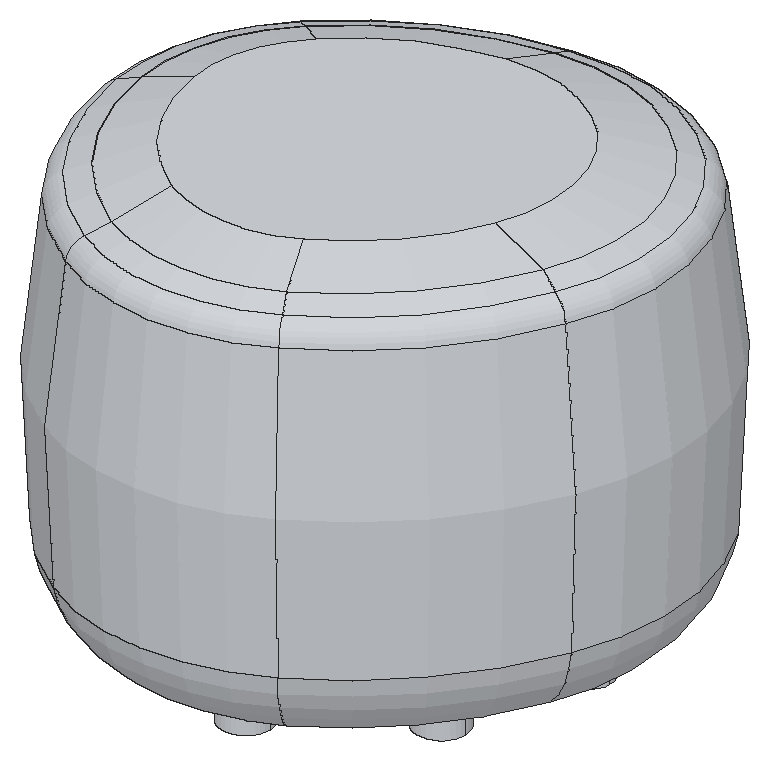
Revit family "Colours_4843", category Furniture, Revit 2016
Family settings
  OmniClass Number = 23.40.20.00
  OmniClass Title = General Furniture and Specialties
  Work Plane-Based = No
  Always vertical = Yes
  Cut with Voids When Loaded = No
  Shared = No
  Room Calculation Point = No
Parameters
  Upholstery [instance] = none
  URL = "http://www.bernhardtdesign.com/products/colours/index.html"
  Model = "Colours"
  Manufacturer = "Bernhardt Design"  # constant formula
  Copyright © = "Copyright © Bernhardt Design"  # constant formula
  Catalog [instance] = "Colours 4843"
  Authoring Version = "Autodesk Revit 2016"  # constant formula
Reference planes (in)
  plane 1 "Center Front/Back": y = 0
  plane 2: z = 0
  plane 3 "Center Left/Right": x = 0
Forms (in)
  Sweep 1, solid, material <- "Upholstery"
    path origin (0, 0, 7.9032) x (1, 0, 0) y (0, 1, 0)
      loop
        arc (3.32597, -10.18555) -> (6.9023, -7.26919) -> (9.38288, -3.37793) r 14.51953
        arc (9.38288, -3.37793) -> (8.24113, 6.11623) -> (-0.58182, 9.80378) r 9.49659
        arc (-0.58182, 9.80378) -> (-4.95872, 8.47418) -> (-8.67828, 5.81148) r 14.07813
        arc (-8.67828, 5.81148) -> (-10.68105, 2.59754) -> (-11.05601, -1.17074) r 8.33939
        arc (-11.05601, -1.17074) -> (-9.17519, -6.27966) -> (-5.27548, -10.07845) r 12.31487
        arc (-5.27548, -10.07845) -> (-0.98949, -11.31522) -> (3.32597, -10.18555) r 8.40829
    profile origin (-0.98949, -11.31522, 7.9032) x (-0.012451, -0.999922, 0) y (0, 0, 1)
      loop
        line (-1.40849, 8.96504) -> (-1.40849, 0) -> (-4.46434, -7.10635) -> (-2.10768, -7.10635)
        arc (-2.10768, -7.10635) -> (-0.31367, -5.94485) -> (0.55992, -3.99436) r 3.76771
        arc (0.55992, -3.99436) -> (0.8542, 1.90812) -> (0.16073, 7.77709) r 35.33918
        arc (0.16073, 7.77709) -> (-0.05519, 8.28591) -> (-0.49999, 8.61405) r 1.04776
        line (-0.49999, 8.61405) -> (-1.40849, 8.96504)
  Extrusion 2, solid
    sketch origin (0, 0, 7.9032) x (1, 0, 0) y (0, 1, 0)
      loop
        circle (5.22811, -4.37827) r 1
      loop
        circle (6.76654, 1.0309) r 1
      loop
        circle (4.38658, 5.61031) r 1
      loop
        circle (-3.23035, 5.67281) r 1
      loop
        circle (-8.02719, 0.87597) r 1
      loop
        circle (-5.41309, -6.033) r 1
      loop
        circle (0.18143, -7.98776) r 1
    from -1.63599 to -7.9032
  Extrusion 3, solid, material <- "Upholstery"
    sketch origin (0, 0, 7.9032) x (1, 0, 0) y (0, 1, 0)
      loop
        arc (1.09029, -6.32135) -> (3.567, -4.30169) -> (5.28487, -1.60688) r 10.0552
        arc (5.28487, -1.60688) -> (4.67986, 3.42409) -> (0.00457, 5.37812) r 5.03225
        arc (0.00457, 5.37812) -> (-2.98437, 4.47015) -> (-5.52441, 2.65182) r 9.61379
        arc (-5.52441, 2.65182) -> (-6.45504, 1.15841) -> (-6.62927, -0.59259) r 3.87506
        arc (-6.62927, -0.59259) -> (-5.43027, -3.84945) -> (-2.94427, -6.27111) r 7.85053
        arc (-2.94427, -6.27111) -> (-0.9339, -6.85123) -> (1.09029, -6.32135) r 3.94396
    from -7.0844 to 8.96506
  Blend 4, solid
    base sketch origin (0, 0, 16.86827) x (1, 0, 0) y (0, 1, 0)
      loop
        arc (-4.53999, -8.87724) -> (-0.97195, -9.90684) -> (2.62062, -8.9664) r 6.99981
        arc (2.62062, -8.9664) -> (5.85002, -6.33295) -> (8.08997, -2.81917) r 13.11105
        arc (8.08997, -2.81917) -> (7.11756, 5.26686) -> (-0.39682, 8.4075) r 8.0881
        arc (-0.39682, 8.4075) -> (-4.33582, 7.21092) -> (-7.68325, 4.81462) r 12.66964
        arc (-7.68325, 4.81462) -> (-9.34776, 2.1435) -> (-9.65939, -0.98833) r 6.93091
        arc (-9.65939, -0.98833) -> (-7.99368, -5.51293) -> (-4.53999, -8.87724) r 10.90638
    top sketch origin (0, 0, 16.86827) x (1, 0, 0) y (0, 1, 0)
      loop
        arc (1.59513, -6.81603) -> (4.02712, -4.83284) -> (5.71397, -2.18669) r 9.87361
        arc (5.71397, -2.18669) -> (4.98167, 3.9027) -> (-0.67722, 6.26784) r 6.09095
        arc (-0.67722, 6.26784) -> (-3.64359, 5.36672) -> (-6.16445, 3.56212) r 9.5412
        arc (-6.16445, 3.56212) -> (-7.41795, 1.55057) -> (-7.65263, -0.80794) r 5.2195
        arc (-7.65263, -0.80794) -> (-6.39823, -4.2153) -> (-3.79734, -6.74888) r 8.21333
        arc (-3.79734, -6.74888) -> (-1.11034, -7.52425) -> (1.59513, -6.81603) r 5.27138
    from 0 to 0.61552
Dimensions and locks (in)
  aligned and locked: level to plane 2
